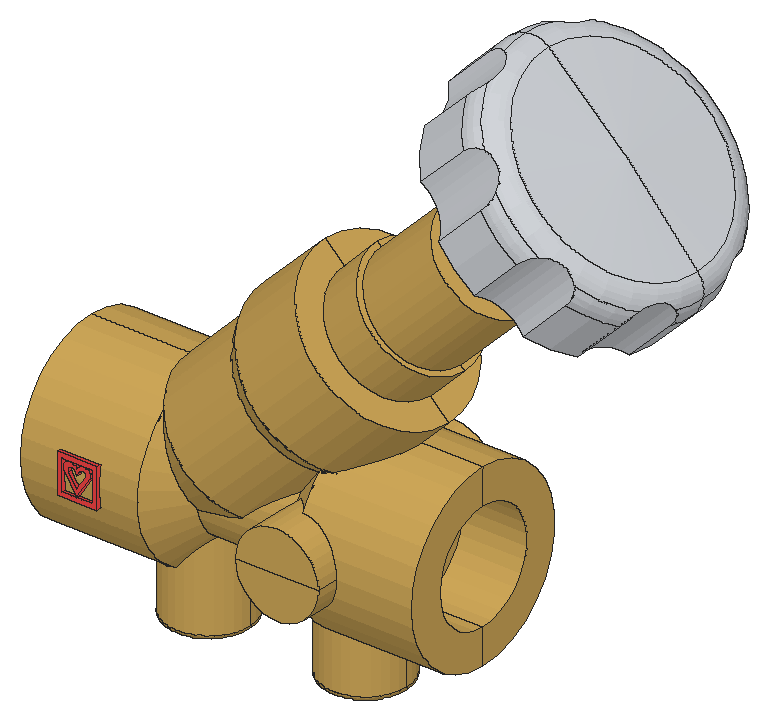
Revit family "Absperrventil 4125 D", category Rohrzubehör, Revit 2021
Family settings
  Bemaßung runder Anschluss = Durchmesser verwenden
  Teiletyp = Unterbricht
  OmniClass-Nummer = 23.65.55.14
  OmniClass-Titel = Valves for Liquid Services
  Arbeitsebenenbasiert = Nein
  Immer vertikal = Ja
  Beim Laden mit Abzugskörper schneiden = Nein
  Gemeinsam genutzt = Nein
Parameters
  W01 = 45.00°  # constant formula
  Vorgabe-Ansicht = 0.000 mm
  URL = "www.herz-armaturen.at"
  Spindel = "Messing CW617N\r"  # constant formula
  SW01 = 60.00°  # constant formula
  SCRNSEQ = "ARM;ARM_TYP=\"ABSV\";2"
  SCRNCODE = "05;07;02"  # constant formula
  S03 = 60.000 mm  # constant formula
  S02 [instance] = L06 + L09 + L12 + L15  # 113.800 mm
  S01 [instance] = R01 * 2  # 41.000 mm
  R12 [instance] = R01 - 1.000 mm  # 19.500 mm
  R11 [instance] = size_lookup("4125D_", "R11", 1.000 mm, Nennweite)  # 6.000 mm
  R100 = 1.000 mm  # constant formula
  R10 [instance] = size_lookup("4125D_", "R10", 1.000 mm, Nennweite)  # 9.000 mm
  R09 [instance] = size_lookup("4125D_", "R9", 1.000 mm, Nennweite)  # 12.750 mm
  R08 [instance] = size_lookup("4125D_", "R8", 1.000 mm, Nennweite)  # 14.000 mm
  R07 [instance] = size_lookup("4125D_", "R7", 1.000 mm, Nennweite)  # 20.000 mm
  R06 [instance] = size_lookup("4125D_", "R6", 1.000 mm, Nennweite)  # 17.750 mm
  R05 [instance] = Nennweite / 2  # 12.500 mm
  R04 [instance] = size_lookup("4125D_", "R4", 1.000 mm, Nennweite)  # 9.500 mm
  R03 = 9.500 mm  # constant formula
  R02 [instance] = Nennweite / 2  # 12.500 mm
  R01 [instance] = size_lookup("4125D_", "R1", 1.000 mm, Nennweite)  # 20.500 mm
  Oberteil = "entzinkungsbeständiges Messing CW602N"  # constant formula
  Nennweite [instance] = 25.000 mm
  Medium = "Heizungswasser nach ÖNORM H5195 oder VDI- Richtlinie 2035.\r\nDie Verwendung von Ethylen- oder Propyleneglykol in einem Mischungsverhältnis 25- 50% ist zulässig.\r\nEPDM-Dichtungen können durch Mineralöle und Schmiermittel beeinflusst werden, was zum Versagen der EPDM-Dichtungen führen kann."
  Max.Differenzdruck bei geschlossenen Sitz = 1000000.0 Pa  # constant formula
  Max.Betriebstemperatur = 110 °C  # constant formula
  Max.Betriebsdruck = 2000000.0 Pa  # constant formula
  L16 [instance] = L01 / 2  # 13.500 mm
  L15 [instance] = size_lookup("4125D_", "L15", 1.000 mm, Nennweite)  # 12.400 mm
  L14 [instance] = size_lookup("4125D_", "L14", 1.000 mm, Nennweite)  # 12.000 mm
  L12 [instance] = size_lookup("4125D_", "L12", 1.000 mm, Nennweite)  # 43.400 mm
  L11 [instance] = size_lookup("4125D_", "L11", 1.000 mm, Nennweite)  # 22.400 mm
  L10 [instance] = size_lookup("4125D_", "L10", 1.000 mm, Nennweite)  # 11.000 mm
  L09 [instance] = size_lookup("4125D_", "L9", 1.000 mm, Nennweite)  # 19.500 mm
  L08 [instance] = size_lookup("4125D_", "L8", 1.000 mm, Nennweite)  # 34.000 mm
  L07 [instance] = size_lookup("4125D_", "L7", 1.000 mm, Nennweite)  # 18.000 mm
  L06 [instance] = size_lookup("4125D_", "L6", 1.000 mm, Nennweite) - L09  # 38.500 mm
  L05 [instance] = size_lookup("4125D_", "L5", 1.000 mm, Nennweite)  # 25.500 mm
  L04 [instance] = size_lookup("4125D_", "L4", 1.000 mm, Nennweite)  # 25.500 mm
  L03 = 15.000 mm  # constant formula
  L02 [instance] = size_lookup("4125D_", "L2", 1.000 mm, Nennweite)  # 11.000 mm
  L01 [instance] = size_lookup("4125D_", "L1", 1.000 mm, Nennweite)  # 27.000 mm
  L00 [instance] = size_lookup("4125D_", "L", 1.000 mm, Nennweite)  # 90.000 mm
  Kegel = "entzinkungsbeständiges Messing CW602N"  # constant formula
  Hersteller = "HERZ Armaturen Ges.m.b.H."  # constant formula
  Handrad = "Polyamide"  # constant formula
  H01 [instance] = size_lookup("4125D_", "H1", 1.000 mm, Nennweite)  # 32.000 mm
  Gehäuse = "entzinkungsbeständiges Gussmessing CC752S"  # constant formula
  Dichtungen = "EPDM"  # constant formula
  DN80 [instance] = Nennweite = 80.000 mm  # no
  DN65 [instance] = Nennweite = 65.000 mm  # no
  DN50 [instance] = Nennweite = 50.000 mm  # no
  DN40 [instance] = Nennweite = 40.000 mm  # no
  DN32 [instance] = Nennweite = 32.000 mm  # no
  DN25-DN80 [instance] = or(Nennweite = 25.000 mm, Nennweite = 32.000 mm, Nennweite = 40.000 mm, Nennweite = 50.000 mm, Nennweite = 65.000 mm, Nennweite = 80.000 mm)  # yes
  DN25 [instance] = Nennweite = 25.000 mm  # yes
  DN20 [instance] = Nennweite = 20.000 mm  # no
  DN15 [instance] = Nennweite = 15.000 mm  # no
  Bestellnummer [instance] = size_lookup("4125D_", "Artnr", 0, Nennweite)  # 1412563
  Ausführung = "STRÖMAX-D-Absperrventile in Schrägsitzform, gelbe Ausführung,\r\nMuffe x Muffe, mit langen Gewindemuffen, nichtsteigender Spindel,\r\nSpindelabdichtung durch elastischen Doppel-O-Ring."
  Anwendungsgebiet = "Zuverlässiges Absperren von Leitungen in Heiz- und Kühlanalgen."
Reference planes
  plane 1 "Mitte (Vorne/hinten)": y = 0
  plane 2: z = 0
  plane 3 "Mitte (Links/rechts)": x = 0
Forms (mm)
  Revolve 1, solid, material "Messing, weicher Gelbton, geschweißt", detail levels fine
    sketch origin (470, 0, 0) x (1, 0, 0) y (0, 0, 1)
      loop
        line (-515, 12.5) -> (-500, 12.5) -> (-500, 0) -> (-440, 0) -> (-440, 12.5) -> (-425, 12.5) -> (-425, 20.5) -> (-452, 20.5) -> (-459, 12.5) -> (-481, 12.5) -> (-488, 20.5) -> (-515, 20.5) -> (-515, 12.5)
      axis (-515, 0) -> (-425, 0)
    angle from 0 to 360
  Revolve 2, solid, material "Messing, weicher Gelbton, geschweißt", detail levels fine
    sketch origin (470, 0, 0) x (1, 0, 0) y (0, 0, 1)
      loop
        line (-497.5, 0) -> (-497.5, -31)
        arc (-497.5, -31) -> (-497.207, -31.707) -> (-496.5, -32) r 1
        line (-496.5, -32) -> (-488, -32) -> (-488, 0) -> (-497.5, 0)
      axis (-488, 0) -> (-488, -32)
    angle from 0 to 360
  Revolve 3, solid, material "Messing, weicher Gelbton, geschweißt", detail levels fine
    sketch origin (0, 0, 0) x (1, 0, 0) y (0, 1, 0)
      loop
        line (18, -25.5) -> (27.5, -25.5) -> (27.5, 25.5) -> (18, 25.5) -> (18, -25.5)
      axis (18, -25.5) -> (18, 25.5)
    angle from 0 to 360
  Revolve 4, solid, material "Messing, weicher Gelbton, geschweißt", visible <- "DN25-DN80", detail levels fine
    sketch origin (-470, 0, 0) x (-1, 0, 0) y (0, 0, 1)
      loop
        line (-497.5, 0) -> (-497.5, -31)
        arc (-497.5, -31) -> (-497.207, -31.707) -> (-496.5, -32) r 1
        line (-496.5, -32) -> (-488, -32) -> (-488, 0) -> (-497.5, 0)
      axis (-488, 0) -> (-488, -32)
    angle from 0 to 360
  Revolve 5, solid, material "Messing, weicher Gelbton, geschweißt", detail levels fine
    sketch origin (0.32, 0, -0.105) x (1, 0, 0) y (0, 0, 1)
      loop
        line (-18.32, 0) -> (62.149, 80.469) -> (57.906, 84.711) -> (49.138, 75.943) -> (47.017, 78.065) -> (39.946, 70.994) -> (37.294, 73.645) -> (21.455, 57.806) -> (20.571, 58.69) -> (12.793, 50.912) -> (8.55, 55.154) -> (-5.239, 41.366) -> (-6.83, 36.593) -> (-22.386, 21.036) -> (-27.159, 8.839) -> (-18.32, 0)
      axis (-18.32, 0) -> (62.149, 80.469)
    angle from 0 to 360
Lines and regions (mm)
  model lines, detail levels coarse+medium
    curve 1: line (-45, 0, 20.5) -> (-45, 0, -20.5)
    curve 2: line (-45, 0, -20.5) -> (45, 0, 20.5)
    curve 3: line (45, 0, 20.5) -> (45, 0, -20.5)
    curve 4: line (45, 0, -20.5) -> (-45, 0, 20.5)
    curve 5: line (0, 0, 0) -> (56.9, 0, 98.554)
    curve 6: line (30.919, 0, 113.554) -> (82.881, 0, 83.554)
    curve 7: line (-45, -20.5, 0) -> (-45, 20.5, 0)
    curve 8: line (-45, 20.5, 0) -> (45, -20.5, 0)
    curve 9: line (45, -20.5, 0) -> (45, 20.5, 0)
    curve 10: line (45, 20.5, 0) -> (-45, -20.5, 0)
    curve 11: line (0, 0, 0) -> (56.9, 98.554, 0)
    curve 12: line (30.919, 113.554, 0) -> (82.881, 83.554, 0)
Dimensions and locks
  "H01": plane 2 to Revolve 2 sketch curve
  "L00": Revolve 1 sketch curve to Revolve 1 sketch curve
  equal spacing: Revolve 1 sketch curve, plane 3 "Mitte (Links/rechts)", Revolve 1 sketch curve
  "R01": Revolve 1 sketch curve to Revolve 1 sketch curve  (x2)
  "R02": Revolve 1 sketch curve to Revolve 1 sketch curve  (x3)
  "L01": Revolve 1 sketch curve to Revolve 1 sketch curve  (x2)
  "L02": plane 3 "Mitte (Links/rechts)" to Revolve 1 sketch curve
  "L02": Revolve 1 sketch curve to plane 3 "Mitte (Links/rechts)"
  "L03": Revolve 1 sketch curve to Revolve 1 sketch curve  (x2)
  "L01": Revolve 1 to Revolve 2 sketch curve
  "R03": Revolve 2 sketch curve to Revolve 2 sketch curve
  "L01": Revolve 4 sketch curve to Revolve 1
  "R03": Revolve 4 sketch curve to Revolve 4 sketch curve
  "H01": plane 2 to Revolve 4 sketch curve
  "L04": Revolve 3 sketch curve to plane 1 "Mitte (Vorne/hinten)"
  "L05": plane 1 "Mitte (Vorne/hinten)" to Revolve 3 sketch curve
  "R04": Revolve 3 sketch curve to Revolve 3 sketch curve
  "L01": Revolve 3 sketch curve to Revolve 1
  "R07": Revolve 5 sketch curve to Revolve 5 sketch curve
  "L07": plane 3 "Mitte (Links/rechts)" to Revolve 5 sketch curve
  "R05": Revolve 5 sketch curve to Revolve 5 sketch curve
  "L06": Revolve 5 sketch curve to Revolve 5 sketch curve
  "L08": Revolve 5 sketch curve to Revolve 5 sketch curve
  "R06": Revolve 5 sketch curve to Revolve 5 sketch curve
  "L14": Revolve 5 sketch curve to Revolve 5 sketch curve
  "L09": Revolve 5 sketch curve to Revolve 5 sketch curve
  "R08": Revolve 5 sketch curve to Revolve 5 sketch curve
  "L10": Revolve 5 sketch curve to Revolve 5 sketch curve
  "R09": Revolve 5 sketch curve to Revolve 5 sketch curve
  "R10": Revolve 5 sketch curve to Revolve 5 sketch curve
  "L12": Revolve 5 sketch curve to Revolve 5 sketch curve
  "R11": Revolve 5 sketch curve to Revolve 5 sketch curve
  "L15": Revolve 5 sketch curve to Revolve 5 sketch curve
  "L11": Revolve 5 sketch curve to Revolve 5 sketch curve
  "R12": nested 9 to plane 1 "Mitte (Vorne/hinten)"
  "L16": Revolve 1 to nested 9
  equal spacing: curve 1, plane 3 "Mitte (Links/rechts)", curve 3
  "L00": curve 1 to curve 3
  equal spacing: curve 4, plane 2, curve 2
  "S01": curve 4 to curve 1
  "S01": curve 3 to curve 4
  equal spacing: curve 3, plane 2, curve 4
  "S02": curve 5 to curve 5
  equal spacing: curve 6, curve 5, curve 6
  "S03": curve 6 to curve 6
  equal spacing: curve 7, plane 3 "Mitte (Links/rechts)", curve 9
  "L00": curve 7 to curve 9
  equal spacing: curve 10, plane 1 "Mitte (Vorne/hinten)", curve 8
  "S01": curve 8 to curve 10
  equal spacing: curve 9, plane 1 "Mitte (Vorne/hinten)", curve 10
  "S01": curve 10 to curve 9
  "S02": curve 11 to curve 11
  equal spacing: curve 12, curve 11, curve 12
  "S03": curve 12 to curve 12
  "R100": radius of Revolve 2 sketch curve
  "R100": radius of Revolve 4 sketch curve
  "W01": angle plane 2 to Revolve 5 sketch curve
  "W01": angle level to Revolve 5 sketch curve
  "SW01": angle plane 2 to curve 5
  "SW01": angle plane 1 "Mitte (Vorne/hinten)" to curve 11
  aligned and locked: level to plane 2
Automatic sketch dimensions
  curve 5 to level = 0.000 mm
  plane 1 "Mitte (Vorne/hinten)" to curve 11 = 0.000 mm
  Revolve 1 sketch curve to level = 0.000 mm  (x2)
  Revolve 1 sketch curve to Revolve 1 sketch curve = 791.990 mm
  Revolve 1 sketch curve to Revolve 1 sketch curve = 2278.983 mm
  Revolve 2 sketch curve to level = 0.000 mm  (x2)
  Revolve 2 sketch curve to Revolve 2 sketch curve = 0.000 mm
  Revolve 2 sketch curve to Revolve 2 sketch curve = 0.292 mm
  Revolve 3 sketch curve to Revolve 3 sketch curve = 0.000 mm  (x3)
  Revolve 4 sketch curve to level = 0.000 mm  (x2)
  Revolve 4 sketch curve to Revolve 4 sketch curve = 0.000 mm
  Revolve 4 sketch curve to Revolve 4 sketch curve = 0.292 mm
  Revolve 5 sketch curve to level = 0.105 mm
  Revolve 5 sketch curve to Revolve 5 sketch curve = 0.000 mm  (x2)
Nested families
  nested 1: "Strömax-Handrad_Schrägsitz" at (42.584, 0, 54.979), visible <- "DN15", type "Strömax-Handrad_Schrägsitz", detail levels fine
    with Nennweite 0.000 mm, Gewicht 0.00 kg, Bestellnummer 0
  nested 2: "Strömax-Handrad_Schrägsitz" at (54.312, 0, 67.707), visible <- "DN20", type "Strömax-Handrad_Schrägsitz", detail levels fine
    with Nennweite 0.000 mm, Gewicht 0.00 kg, Bestellnummer 0
  nested 3: "Strömax-Handrad_Schrägsitz" at (62.469, 0, 80.364), visible <- "DN25", type "Strömax-Handrad_Schrägsitz", detail levels fine
    with Nennweite 0.000 mm, Gewicht 0.00 kg, Bestellnummer 0
  nested 4: "Strömax-Handrad_Schrägsitz" at (71.712, 0, 91.607), visible <- "DN32", type "Strömax-Handrad_Schrägsitz", detail levels fine
    with Nennweite 0.000 mm, Gewicht 0.00 kg, Bestellnummer 0
  nested 5: "Strömax-Handrad_Schrägsitz" at (80.399, 0, 101.294), visible <- "DN40", type "Strömax-Handrad_Schrägsitz", detail levels fine
    with Nennweite 0.000 mm, Gewicht 0.00 kg, Bestellnummer 0
  nested 6: "Strömax-Handrad_Schrägsitz" at (97.83, 0, 129.225), visible <- "DN50", type "Strömax-Handrad_Schrägsitz", detail levels fine
    with Nennweite 0.000 mm, Gewicht 0.00 kg, Bestellnummer 0
  nested 7: "Strömax-Handrad_Schrägsitz" at (114.482, 0, 149.378), visible <- "DN65", type "Strömax-Handrad_Schrägsitz", detail levels fine
    with Nennweite 0.000 mm, Gewicht 0.00 kg, Bestellnummer 0
  nested 8: "Strömax-Handrad_Schrägsitz" at (140.423, 0, 183.319), visible <- "DN80", type "Strömax-Handrad_Schrägsitz", detail levels fine
    with Nennweite 0.000 mm, Gewicht 0.00 kg, Bestellnummer 0
  nested 9: "Herz-Logo-vorne" at (-31.5, -20.232, 0) x (0, 1, 0) z (0, 0, 1), type "Herz-Logo-vorne", detail levels fine
Connectors
  piping at (-30, 0, 0), diameter 25, driven by "Nennweite"
    settings: on Revolve 1, index 1, connector inside diameter 609.6 mm, connector length 0.000 mm, flow factor 0, pipe flow 0.0 L/s, pressure drop 0.0 Pa, fitting loss kfactor 0, connector angle 0.00°, fixture units 0, engagement length 0.000 mm, angle of deflection 0.00°, flow configuration 0, flow direction 1, fitting loss method 0, system type 29, joint type 0, gender type 0, connector reference index -1, connector utility 0, adjustable connector no, is connector primary yes, connector description ""
  piping at (30, 0, 0), diameter 25, driven by "Nennweite"
    settings: on Revolve 1, index 2, connector inside diameter 609.6 mm, connector length 0.000 mm, flow factor 0, pipe flow 0.0 L/s, pressure drop 0.0 Pa, fitting loss kfactor 0, connector angle 0.00°, fixture units 0, engagement length 0.000 mm, angle of deflection 0.00°, flow configuration 0, flow direction 2, fitting loss method 0, system type 29, joint type 0, gender type 0, connector reference index -1, connector utility 0, adjustable connector no, is connector primary no, connector description ""
Definition of nested family "Strömax-Handrad_Schrägsitz"
  Parameters (values of type "Strömax-Handrad_Schrägsitz")
    Default Elevation = 0.000 mm
    URL = "www.herz-armaturen.at"
    Nennweite [instance] = 0.000 mm
    Manufacturer = "Herz Armaturen GmbH"  # constant formula
    Gewicht [instance] = 0.00 kg
    Bestellnummer [instance] = 0
  Reference planes
    plane 1 "Mitte (Vorne/hinten)": y = 0
    plane 2: z = 0
    plane 3 "Mitte (Links/rechts)": x = 0
  Forms (mm)
    Revolve 1, solid
      sketch origin (0, 0, 0) x (0.707107, 0, -0.707107) y (0.707107, 0, 0.707107)
        loop
          line (0, 0) -> (0, 22)
          arc (0, 22) -> (-12.15, 21.705) -> (-24.271, 20.819) r 250
          arc (-24.271, 20.819) -> (-26.831, 19.959) -> (-28.754, 18.063) r 6
          arc (-28.754, 18.063) -> (-29.682, 16.008) -> (-30, 13.776) r 8
          line (-30, 13.776) -> (-30, 0) -> (0, 0)
        axis (0, 22) -> (0, 0)
      angle from 0 to 360
    Extrusion 2, void
      sketch origin (0, 0, 0) x (0.707107, 0, -0.707107) y (0, 1, 0)
        loop
          circle (14.351, -34.645) r 10
      from 0 to 22
    Extrusion 3, void
      sketch origin (0, 0, 0) x (-0.707107, 0, 0.707107) y (0, -1, 0)
        loop
          circle (14.351, 34.645) r 10
      from 0 to 22
    Extrusion 4, void
      sketch origin (0, 0, 0) x (0, -1, 0) y (0.707107, 0, -0.707107)
        loop
          circle (14.351, 34.645) r 10
      from 0 to 22
    Extrusion 5, void
      sketch origin (0, 0, 0) x (0, 1, 0) y (-0.707107, 0, 0.707107)
        loop
          circle (14.351, -34.645) r 10
      from 0 to 22
    Extrusion 6, void
      sketch origin (0, 0, 0) x (0, -1, 0) y (0.707107, 0, -0.707107)
        loop
          circle (14.351, -34.645) r 10
      from 0 to 22
    Extrusion 7, void
      sketch origin (0, 0, 0) x (0, 1, 0) y (-0.707107, 0, 0.707107)
        loop
          circle (14.351, 34.645) r 10
      from 0 to 22
    Extrusion 8, void
      sketch origin (0, 0, 0) x (0.707107, 0, -0.707107) y (0, 1, 0)
        loop
          circle (14.351, 34.645) r 10
      from 0 to 22
    Extrusion 9, void
      sketch origin (0, 0, 0) x (-0.707107, 0, 0.707107) y (0, -1, 0)
        loop
          circle (14.351, -34.645) r 10
      from 0 to 22
  Cuts and joins
    Extrusion 2, Extrusion 3, Extrusion 4, Extrusion 5, Extrusion 6, Extrusion 7, Extrusion 8, Extrusion 9 cuts Revolve 1
  Dimensions and locks
    aligned and locked: level to plane 2
Definition of nested family "Herz-Logo-vorne"
  Parameters (values of type "Herz-Logo-vorne")
    Default Elevation = 0.000 mm
  Reference planes
    plane 1 "Mitte (Vorne/hinten)": y = 0
    plane 2: z = 0
    plane 3 "Mitte (Links/rechts)": x = 0
  Forms (mm)
    Extrusion 1, solid
      sketch origin (0.732, -0.018, 0.017) x (0, -1, 0) y (0, 0, 1)
        loop
          line (-0.018, -4.517) -> (4.482, -4.517) -> (4.482, 4.483) -> (-4.518, 4.483) -> (-4.518, -4.517) -> (-0.018, -4.517)
        loop
          line (-0.05, -3.48) -> (3.482, -3.48) -> (3.482, 3.483) -> (-3.518, 3.483) -> (-3.518, -3.48) -> (-0.05, -3.48)
        loop
          arc (-0.018, 2.383) -> (-1.543, 3.287) -> (-3.067, 2.383) r 1.738
          arc (-3.067, 2.383) -> (-3.191, 1.899) -> (-3.067, 1.415) r 1.009
          line (-3.067, 1.415) -> (-0.018, -3.281) -> (3.032, 1.415)
          arc (3.032, 1.415) -> (3.156, 1.899) -> (3.032, 2.383) r 1.009
          arc (3.032, 2.383) -> (1.507, 3.287) -> (-0.018, 2.383) r 1.738
        loop
          arc (1.885, 1.272) -> (2.005, 1.675) -> (1.885, 2.079) r 0.74
          arc (1.885, 2.079) -> (1.265, 2.416) -> (0.644, 2.079) r 0.74
          line (0.644, 2.079) -> (-0.018, 0.97) -> (-0.679, 2.079)
          arc (-0.679, 2.079) -> (-1.3, 2.416) -> (-1.921, 2.079) r 0.74
          arc (-1.921, 2.079) -> (-2.04, 1.675) -> (-1.921, 1.272) r 0.74
          line (-1.921, 1.272) -> (-0.018, -1.658) -> (1.885, 1.272)
      from 0 to 1.5
  Dimensions and locks
    aligned and locked: level to plane 2
